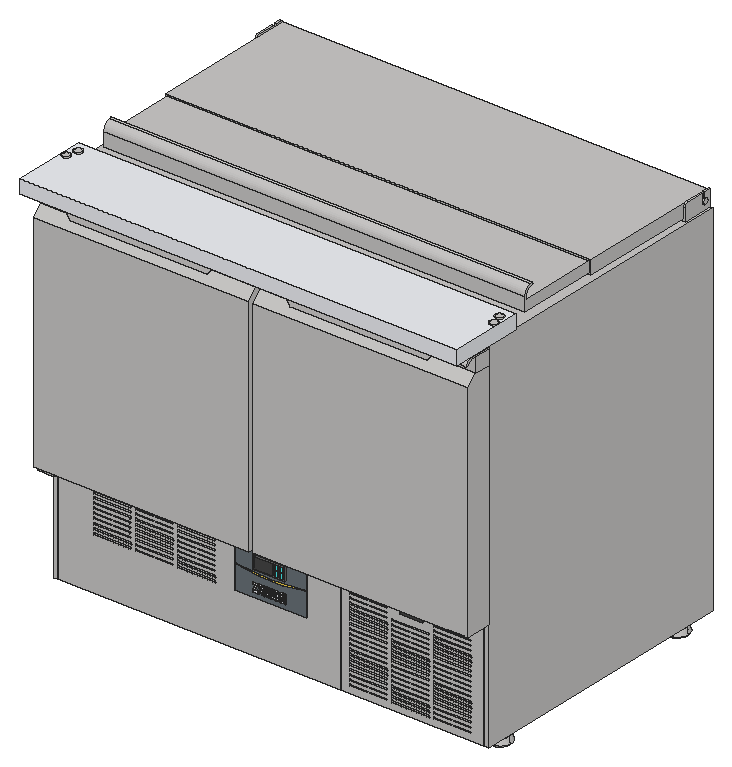
Revit family "QF_ZANUSSI_110891_ZSAL25L2C9", category Attrezzature speciali, Revit 2021 (continued)
Definition of nested family "HORIZREF_ZAN_DISPLAY"
  Forms (mm)
    Extrusion 6, void
      sketch origin (0, 0, 0) x (1, 0, 0) y (0, 1, 0)
        loop
          arc (22.164, -34.574) -> (22.146, -34.06) -> (22.164, -33.546) r 7.441
          arc (22.164, -33.546) -> (22.18, -33.06) -> (22.164, -32.574) r 7.03
          line (22.164, -32.574) -> (18.209, -32.574)
          arc (18.209, -32.574) -> (18.247, -35.347) -> (19.34, -37.896) r 7.131
          arc (19.34, -37.896) -> (24.504, -39.367) -> (28.854, -36.219) r 6.148
          arc (28.854, -36.219) -> (28.934, -32.967) -> (27.539, -30.028) r 7.021
          line (27.539, -30.028) -> (23.193, -26.117)
          arc (23.193, -26.117) -> (22.605, -25.379) -> (22.29, -24.489) r 2.858
          arc (22.29, -24.489) -> (23.409, -22.892) -> (25.006, -24.011) r 1.379
          line (25.006, -24.011) -> (25.006, -26.117)
        loop
          line (29.567, -20) -> (29.567, -39.372) -> (33.532, -39.372) -> (33.532, -20) -> (29.567, -20)
      from 2 to 0
    Extrusion 7, void
      sketch origin (178.694, 10.043, 0) x (1, 0, 0) y (0, 1, 0)
        loop
          arc (-100.694, -6.718) -> (-178.694, -12.528) -> (-256.694, -6.718) r 526.5
          arc (-256.694, -6.718) -> (-178.694, -15.528) -> (-100.694, -6.718) r 349.701
      from 0 to 2
    Extrusion 8, solid
      sketch origin (0, 0, 0) x (1, 0, 0) y (0, 1, 0)
        loop
          arc (-78, 3.325) -> (0, -5.485) -> (78, 3.325) r 349.701
          arc (78, 3.325) -> (0, -2.485) -> (-78, 3.325) r 526.5
      from 0 to 2
    Extrusion 9, solid
      sketch origin (0, 0, 0) x (1, 0, 0) y (0, 1, 0)
        loop
          line (-29.708, -39.372) -> (-29.708, -35.407) -> (-35.655, -35.407) -> (-29.708, -23.285) -> (-29.708, -20) -> (-39.564, -20) -> (-39.564, -23.625) -> (-34.353, -23.512) -> (-40.017, -35.407) -> (-40.017, -39.372) -> (-29.708, -39.372)
        loop
          line (-24.018, -32.121) -> (-21.753, -32.121) -> (-22.885, -23.311) -> (-24.018, -32.121)
        loop
          line (-25.038, -39.372) -> (-24.471, -35.633) -> (-21.186, -35.633) -> (-20.62, -39.372) -> (-16.542, -39.372) -> (-20.167, -20) -> (-25.604, -20) -> (-29.116, -39.372) -> (-25.038, -39.372)
        loop
          line (-16.039, -20) -> (-16.039, -39.372) -> (-12.528, -39.372) -> (-12.528, -26.57) -> (-9.242, -39.372) -> (-4.938, -39.372) -> (-4.938, -20) -> (-8.563, -20) -> (-8.563, -32.348) -> (-11.848, -20) -> (-16.039, -20)
        loop
          arc (-4.031, -34.581) -> (0.814, -39.403) -> (6.278, -35.293) r 5.22
          line (6.278, -35.293) -> (6.278, -20) -> (2.313, -20) -> (2.313, -34.387)
          arc (2.313, -34.387) -> (1.271, -35.589) -> (-0.066, -34.727) r 1.214
          line (-0.066, -34.727) -> (-0.066, -20) -> (-4.031, -20) -> (-4.031, -34.581)
        loop
          line (13.641, -26.117) -> (17.379, -26.117) -> (17.441, -24.356)
          arc (17.441, -24.356) -> (17.18, -22.393) -> (15.949, -20.842) r 3.719
          arc (15.949, -20.842) -> (12.331, -19.662) -> (8.712, -20.842) r 6.139
          arc (8.712, -20.842) -> (7.237, -23.706) -> (7.419, -26.924) r 6.125
          arc (7.419, -26.924) -> (8.632, -28.702) -> (10.119, -30.258) r 13.068
          line (10.119, -30.258) -> (11.79, -31.738)
          arc (11.79, -31.738) -> (12.776, -32.576) -> (13.543, -33.619) r 5.571
          arc (13.543, -33.619) -> (13.353, -35.441) -> (11.567, -35.848) r 1.573
          arc (11.567, -35.848) -> (11.029, -35.304) -> (10.799, -34.574) r 1.631
          arc (10.799, -34.574) -> (10.781, -34.06) -> (10.799, -33.546) r 7.441
          arc (10.799, -33.546) -> (10.816, -33.06) -> (10.799, -32.574) r 7.03
          line (10.799, -32.574) -> (6.844, -32.574)
          arc (6.844, -32.574) -> (6.882, -35.347) -> (7.975, -37.896) r 7.131
          arc (7.975, -37.896) -> (13.14, -39.367) -> (17.49, -36.219) r 6.148
          arc (17.49, -36.219) -> (17.569, -32.967) -> (16.174, -30.028) r 7.021
          line (16.174, -30.028) -> (11.828, -26.117)
          arc (11.828, -26.117) -> (11.241, -25.379) -> (10.926, -24.489) r 2.858
          arc (10.926, -24.489) -> (12.044, -22.892) -> (13.641, -24.011) r 1.379
          line (13.641, -24.011) -> (13.641, -26.117)
        loop
          line (24.939, -26.117) -> (28.678, -26.117) -> (28.739, -24.356)
          arc (28.739, -24.356) -> (28.479, -22.393) -> (27.247, -20.842) r 3.719
          arc (27.247, -20.842) -> (23.629, -19.662) -> (20.01, -20.842) r 6.139
          arc (20.01, -20.842) -> (18.535, -23.706) -> (18.718, -26.924) r 6.125
          arc (18.718, -26.924) -> (19.93, -28.702) -> (21.418, -30.258) r 13.068
          line (21.418, -30.258) -> (23.088, -31.738)
          arc (23.088, -31.738) -> (24.075, -32.576) -> (24.841, -33.619) r 5.571
          arc (24.841, -33.619) -> (24.652, -35.441) -> (22.865, -35.848) r 1.573
          arc (22.865, -35.848) -> (22.328, -35.304) -> (22.097, -34.574) r 1.631
          arc (22.097, -34.574) -> (22.079, -34.06) -> (22.097, -33.546) r 7.441
          arc (22.097, -33.546) -> (22.114, -33.06) -> (22.097, -32.574) r 7.03
          line (22.097, -32.574) -> (18.142, -32.574)
          arc (18.142, -32.574) -> (18.18, -35.347) -> (19.273, -37.896) r 7.131
          arc (19.273, -37.896) -> (24.438, -39.367) -> (28.788, -36.219) r 6.148
          arc (28.788, -36.219) -> (28.867, -32.967) -> (27.472, -30.028) r 7.021
          line (27.472, -30.028) -> (23.127, -26.117)
          arc (23.127, -26.117) -> (22.539, -25.379) -> (22.224, -24.489) r 2.858
          arc (22.224, -24.489) -> (23.343, -22.892) -> (24.939, -24.011) r 1.379
          line (24.939, -24.011) -> (24.939, -26.117)
        loop
          line (29.501, -20) -> (29.501, -39.372) -> (33.466, -39.372) -> (33.466, -20) -> (29.501, -20)
      from 0 to 2
  Cuts and joins
    Extrusion 6, Extrusion 7 cuts Extrusion 2
  Dimensions and locks
    aligned and locked: plane 2 to Extrusion 1
    aligned and locked: level to Extrusion 1
Definition of nested family "HORIZREF_FEET20"
  Parameters
    Default Elevation = 0 mm
    FEET = 20 mm
  Reference planes
    plane 1 "Center (Front/Back)": y = 0
    plane 2: z = 0
    plane 3 "Center (Left/Right)": x = 0
    plane 4: z = 20
  Forms (mm)
    Revolve 1, solid
      sketch origin (255.05, 0, 608.09) x (0, 0, 1) y (-1, 0, 0)
        loop
          line (-608.09, 255.05) -> (-608.09, 233.546) -> (-605.676, 231.132) -> (-594.09, 235.349) -> (-594.09, 255.05) -> (-608.09, 255.05)
        axis (-608.09, 255.05) -> (-594.09, 255.05)
      angle from 0 to 360
    Revolve 2, solid
      sketch origin (255.05, 0, 608.09) x (0, 0, 1) y (-1, 0, 0)
        loop
          line (-594.09, 255.05) -> (-594.09, 245.05) -> (-588.09, 245.05) -> (-588.09, 255.05) -> (-594.09, 255.05)
        axis (-594.09, 255.05) -> (-588.09, 255.05)
      angle from 0 to 360
  Dimensions and locks
    "FEET": plane 4 to plane 2
    aligned and locked: level to plane 2
  Automatic sketch dimensions
    Revolve 1 sketch curve to level = 0 mm
    Revolve 1 sketch curve to plane 3 "Center (Left/Right)" = 0 mm  (x2)
    level to Revolve 1 sketch curve = 2.414 mm
    Revolve 1 sketch curve to plane 4 = 6 mm
    plane 3 "Center (Left/Right)" to Revolve 1 sketch curve = 19.701 mm
    Revolve 1 sketch curve to Revolve 1 sketch curve = 1.803 mm
    Revolve 1 sketch curve to Revolve 1 sketch curve = 2.414 mm
    plane 4 to Revolve 1 sketch curve = 50 mm
    Revolve 1 sketch curve to Revolve 1 sketch curve = 20 mm
    Revolve 2 sketch curve to plane 3 "Center (Left/Right)" = 0 mm  (x2)
    Revolve 2 sketch curve to plane 4 = 0 mm
    Revolve 2 sketch curve to plane 4 = 6 mm
    plane 3 "Center (Left/Right)" to Revolve 2 sketch curve = 10 mm
    Revolve 2 sketch curve to Revolve 2 sketch curve = 50 mm
    Revolve 2 sketch curve to Revolve 2 sketch curve = 20 mm
Definition of nested family "Refrigerator"
  Reference planes
    plane 1 "Center (Front/Back)": y = 0
    plane 2: z = 0
    plane 3 "Center (Left/Right)": x = 0
  Lines and regions (mm)
    detail lines, in view "Ref. Level"
      curve 1: spline (-500, 190, 0) -> (-493.185, 166.706, 0) -> (-473.205, 145, 0) -> (-441.421, 126.36, 0) -> (-400, 112.058, 0) -> (-351.764, 103.067, 0) -> (-300, 100, 0) -> (-248.236, 103.067, 0) -> (-200, 112.058, 0) -> (-158.579, 126.36, 0) -> (-126.795, 145, 0) -> (-106.815, 166.706, 0) -> (-100, 190, 0) -> (-106.815, 213.294, 0) -> (-126.795, 235, 0) -> (-158.579, 253.64, 0) -> (-200, 267.942, 0) -> (-248.236, 276.933, 0) -> (-300, 280, 0) -> (-351.764, 276.933, 0) -> (-400, 267.942, 0) -> (-441.421, 253.64, 0) -> (-473.205, 235, 0) -> (-493.185, 213.294, 0) -> (-500, 190, 0)
      curve 2: line (-300, 130, 0) -> (-300, 250, 0)
      curve 3: line (-351.962, 220, 0) -> (-248.038, 160, 0)
      curve 4: line (-351.962, 160, 0) -> (-248.038, 220, 0)
      curve 5: line (-280.884, 246.873, 0) -> (-300, 225, 0)
      curve 6: line (-300, 225, 0) -> (-319.116, 246.873, 0)
      curve 7: line (-330.311, 207.5, 0) -> (-339.696, 234.992, 0)
      curve 8: line (-358.812, 201.882, 0) -> (-330.311, 207.5, 0)
      curve 9: line (-330.311, 172.5, 0) -> (-358.812, 178.118, 0)
      curve 10: line (-339.696, 145.008, 0) -> (-330.311, 172.5, 0)
      curve 11: line (-300, 155, 0) -> (-319.116, 133.127, 0)
      curve 12: line (-280.884, 133.127, 0) -> (-300, 155, 0)
      curve 13: line (-269.689, 172.5, 0) -> (-260.304, 145.008, 0)
      curve 14: line (-241.188, 178.118, 0) -> (-269.689, 172.5, 0)
      curve 15: line (-269.689, 207.5, 0) -> (-241.188, 201.882, 0)
      curve 16: line (-260.304, 234.992, 0) -> (-269.689, 207.5, 0)
